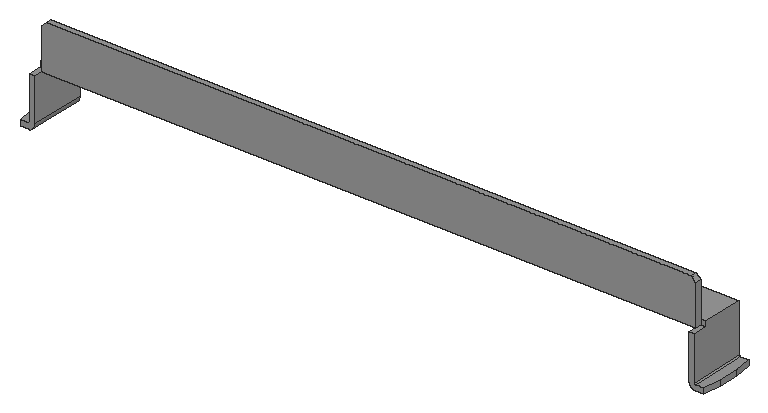
Revit family "Nivellierwinkel", category Generic Models, Revit 2017
Family settings
  Can host rebar = No
  Round Connector Dimension = Use Diameter
  Part Type = Normal
  Work Plane-Based = No
  Always vertical = Yes
  Cut with Voids When Loaded = No
  Shared = No
  Room Calculation Point = No
Parameters (values of type "NW 350-3 QK")
  Width 1 = 23 mm
  Width = 31 mm
  URL = "http://www.obo-bettermann.com"
  Material = Strip-galvanised
  Manufacturer Art.No. = "7410544"
  Manufacturer = "Obo Bettermann"
  Length = 380.6 mm
  GTIN = "4012195432760"
  Article Type = "NW 350-3 QK"
Reference planes
  plane 1 "Center (Front/Back)": y = 0
  plane 2: z = 0
  plane 3 "Center (Left/Right)": x = 0
  plane 4: y = -10
  plane 5: y = -21
  plane 6: x = -102
  plane 7: x = 102
  plane 8: y = -9
  plane 9: through (-102.038, -9, 1200) normal (-0.5, -0.866, 0)
  plane 10: through (-110.902, -3.882, 1200) normal (-0.5, -0.866, 0)
  plane 11: through (102, -9, 1200) normal (-0.5, 0.866, 0)
  plane 12: y = -21
  plane 13: y = -10
  plane 14: x = -190.3
  plane 15: x = 190.3
  plane 16: y = -23
  plane 17: z = 25
  plane 18: x = -178.3
  plane 19: z = 22.5
  plane 20: x = 178.805
  plane 21: z = 22.5
  plane 22: y = -31
  plane 23: z = -24.612
  plane 24: z = -27.65
  plane 25: x = -13
  plane 26: x = 13
  plane 27: y = -16
  plane 28: x = -13
  plane 29: y = -16
  plane 30: y = -16
  plane 31: x = 23
  plane 32: x = -23
  plane 33: x = 54
  plane 34: x = -54
  plane 35: y = -13.5
  plane 36: y = -13.5
  plane 37: x = 67
  plane 38: x = -67
  plane 39: y = -12.5
  plane 40: y = -12.5
  plane 41: x = 86.25
  plane 42: y = -12
  plane 43: y = -12
  plane 44: x = -97.25
  plane 45: x = 97.25
  plane 46: y = -13
  plane 47: y = -13
  plane 48: x = 110
  plane 49: y = -19
  plane 50: x = -110
  plane 51: y = -10
  plane 52: x = 110
  plane 53: y = -10
  plane 54: x = 129
  plane 55: y = -11.047
  plane 56: x = -129
  plane 57: y = -10.992
  plane 58: y = -10.992
  plane 59: x = 142.25
  plane 60: y = -11.047
  plane 61: x = -142.25
  plane 62: y = -11
  plane 63: y = -11
  plane 64: x = -86.25
  plane 65: y = -12
Forms (mm)
  Extrusion 1, solid, material "Strip-galvanised" <- "Material"
    sketch origin (0, 0, 0) x (1, 0, 0) y (0, 0, 1)
      loop
        line (-180.8, 0) -> (181.267, 0) -> (181.267, 3) -> (-180.8, 3) -> (-180.8, 0)
    from 0 to 31
  Extrusion 2, void
    sketch origin (0, 0, 0) x (1, 0, 0) y (0, 1, 0)
      loop
        line (-117.626, 0) -> (-102.038, -9) -> (102, -9) -> (117.588, 0) -> (-117.626, 0)
    from 0 to 250
  Extrusion 3, void
    sketch origin (0, 0, 0) x (1, 0, 0) y (0, 1, 0)
      loop
        line (-180.8, -23) -> (-180.8, -31) -> (181.267, -31) -> (181.267, -23) -> (-180.8, -23)
    from 0 to 250
  Extrusion 4, solid, material "Strip-galvanised" <- "Material"
    sketch origin (0, 0, 0) x (1, 0, 0) y (0, 1, 0)
      loop
        line (-180.8, -23) -> (-180.8, -25.991) -> (181.305, -25.991) -> (181.305, -23) -> (-180.8, -23)
    from 0 to 25
  Extrusion 5, void
    sketch origin (0, 0, 0) x (1, 0, 0) y (0, 0, 1)
      loop
        line (-180.8, 22.5) -> (-178.3, 25) -> (-180.8, 25) -> (-180.8, 22.5)
      loop
        line (178.805, 25) -> (181.305, 22.5) -> (181.305, 25) -> (178.805, 25)
    from 23 to 25.991
  Extrusion 6, solid, material "Strip-galvanised" <- "Material"
    sketch origin (0, 0, 0) x (1, 0, 0) y (0, 1, 0)
      loop
        line (-180.8, 0) -> (-183.758, 0) -> (-183.758, -23) -> (-180.8, -23) -> (-180.8, 0)
      loop
        line (181.267, 0) -> (181.267, -23) -> (184.295, -23) -> (184.295, 0) -> (181.267, 0)
    from 0 to 3
  Extrusion 7, solid, material "Strip-galvanised" <- "Material"
    sketch origin (0, 0, 0) x (1, 0, 0) y (0, 0, 1)
      loop
        line (-183.8, 0) -> (-183.8, -24.05)
        arc (-183.8, -24.05) -> (-183.976, -24.475) -> (-184.4, -24.65) r 0.6
        line (-184.4, -24.65) -> (-190.336, -24.65) -> (-190.336, -27.65) -> (-184.4, -27.65)
        arc (-184.4, -27.65) -> (-181.854, -26.596) -> (-180.8, -24.05) r 3.6
        line (-180.8, -24.05) -> (-180.8, 0) -> (-183.8, 0)
      loop
        line (190.789, -27.612) -> (190.789, -24.612) -> (184.893, -24.612)
        arc (184.893, -24.612) -> (184.469, -24.436) -> (184.293, -24.012) r 0.6
        line (184.293, -24.012) -> (184.293, 0) -> (181.293, 0) -> (181.293, -24.012)
        arc (181.293, -24.012) -> (182.348, -26.558) -> (184.893, -27.612) r 3.6
        line (184.893, -27.612) -> (190.789, -27.612)
    from 0 to 31
  Extrusion 8, void
    sketch origin (0, 0, 0) x (1, 0, 0) y (0, 1, 0)
      loop
        circle (-13, -16) r 2
      loop
        circle (13, -16) r 2
    from 0 to 250
  Extrusion 9, void
    sketch origin (0, 0, 0) x (1, 0, 0) y (0, 1, 0)
      loop
        circle (23.575, -16) r 2.522
      loop
        circle (-22.537, -16) r 2.5
    from 0 to 3
  Extrusion 10, void
    sketch origin (0, 0, 0) x (1, 0, 0) y (0, 1, 0)
      loop
        circle (54, -13.5) r 2.461
      loop
        circle (-54, -13.5) r 2.5
    from 0 to 3
  Extrusion 11, void
    sketch origin (0, 0, 0) x (1, 0, 0) y (0, 1, 0)
      loop
        circle (-67, -12.5) r 1.953
      loop
        circle (67, -12.5) r 1.951
    from 0 to 3
  Extrusion 12, void
    sketch origin (0, 0, 0) x (1, 0, 0) y (0, 1, 0)
      loop
        circle (-97.25, -13) r 1.963
      loop
        circle (97.25, -13) r 2
    from 0 to 3
  Extrusion 13, void
    sketch origin (0, 0, 0) x (1, 0, 0) y (0, 1, 0)
      loop
        circle (-110, -10) r 2.5
      loop
        circle (110, -10) r 2.5
    from 0 to 3
  Extrusion 14, void
    sketch origin (0, 0, 0) x (1, 0, 0) y (0, 1, 0)
      loop
        circle (129, -11.047) r 2.456
      loop
        circle (-129, -10.992) r 2.476
    from 0 to 3
  Extrusion 15, void
    sketch origin (0, 0, 0) x (1, 0, 0) y (0, 1, 0)
      loop
        circle (142.25, -11.047) r 2.46
      loop
        circle (-142.25, -11) r 2.503
    from 0 to 3
  Extrusion 16, void
    sketch origin (0, 0, 0) x (1, 0, 0) y (0, 1, 0)
      loop
        circle (86.42, -12) r 2.506
    from 3 to 0
  Extrusion 17, void
    sketch origin (0, 0, 0) x (1, 0, 0) y (0, 1, 0)
      loop
        circle (-86.25, -12) r 2.532
    from 3 to 0
  Extrusion 18, void
    sketch origin (0, 0, 0) x (1, 0, 0) y (0, 1, 0)
      loop
        line (-190.336, -10) -> (-188.93, 0) -> (-190.336, 0) -> (-190.336, -10)
    from -24.65 to -27.65
  Extrusion 19, void
    sketch origin (0, 0, 0) x (1, 0, 0) y (0, 1, 0)
      loop
        line (-190.336, -21) -> (-190.336, -31) -> (-188.93, -31) -> (-190.336, -21)
    from -24.65 to -27.65
  Extrusion 20, void
    sketch origin (0, 0, 0) x (1, 0, 0) y (0, 1, 0)
      loop
        line (190.789, -10) -> (190.789, 0) -> (189.384, 0) -> (190.789, -10)
    from -24.612 to -27.612
  Extrusion 21, void
    sketch origin (0, 0, 0) x (1, 0, 0) y (0, 1, 0)
      loop
        line (190.789, -21) -> (189.384, -31) -> (190.789, -31) -> (190.789, -21)
    from -24.612 to -27.612
Cuts and joins
  Extrusion 2, Extrusion 3, Extrusion 8, Extrusion 9, Extrusion 10, Extrusion 11, Extrusion 12, Extrusion 13, Extrusion 14, Extrusion 15, Extrusion 16, Extrusion 17, Extrusion 18, Extrusion 19, Extrusion 20, Extrusion 21 cuts Extrusion 1
  Extrusion 5, Extrusion 16, Extrusion 17, Extrusion 18, Extrusion 19, Extrusion 20, Extrusion 21 cuts Extrusion 4
  Extrusion 16, Extrusion 17, Extrusion 18, Extrusion 19, Extrusion 20, Extrusion 21 cuts Extrusion 6
  Extrusion 16, Extrusion 17, Extrusion 18, Extrusion 19, Extrusion 20, Extrusion 21 cuts Extrusion 7
  joined: Extrusion 1, Extrusion 4, Extrusion 6, Extrusion 7
Dimensions and locks
  "Width": Extrusion 1 to Extrusion 1
  locked: Extrusion 1 sketch curve to Extrusion 1 sketch curve at 3
  locked: Extrusion 1 to plane 4 at 10
  locked: Extrusion 1 to plane 5 at 10
  locked: plane 4 to plane 5 at 11
  locked: plane 6 to plane 3 "Center (Left/Right)" at 102
  locked: plane 3 "Center (Left/Right)" to plane 7 at 102
  locked: Extrusion 1 to plane 8 at 9
  Extrusion 1 to Extrusion 2 sketch curve = 22 mm
  Extrusion 1 to Extrusion 1 = 31 mm
  locked: plane 3 "Center (Left/Right)" to Extrusion 2 sketch curve at 117.588
  locked: Extrusion 2 sketch curve to plane 3 "Center (Left/Right)" at 117.626
  locked: Extrusion 2 sketch curve to Extrusion 1 at 9
  Extrusion 1 sketch curve to Extrusion 1 sketch curve = 362.067 mm
  locked: cut or joined group 1 (Extrusion 1, Extrusion 2, Extrusion 3, Extrusion 4, Extrusion 5, Extrusion 6, Extrusion 7, Extrusion 8, Extrusion 9, Extrusion 10, Extrusion 11, Extrusion 12, Extrusion 13, Extrusion 14, Extrusion 15, Extrusion 16, Extrusion 17, Extrusion 18, Extrusion 19, Extrusion 20, Extrusion 21) to plane 3 "Center (Left/Right)" at 181.267
  cut or joined group 1 to plane 3 "Center (Left/Right)" = 180.8 mm
  locked: plane 3 "Center (Left/Right)" to Extrusion 1 sketch curve at 180.8
  cut or joined group 1 to cut or joined group 1 = 31 mm  (x2)
  locked: cut or joined group 1 to plane 16 at 8
  locked: cut or joined group 1 to Extrusion 3 sketch curve at 23
  cut or joined group 1 to Extrusion 3 sketch curve = 8 mm
  locked: cut or joined group 1 to cut or joined group 1 at 23
  locked: cut or joined group 1 to cut or joined group 1 at 14
  locked: Extrusion 4 sketch curve to cut or joined group 1 at 2.991
  locked: Extrusion 4 sketch curve to plane 3 "Center (Left/Right)" at 180.8
  locked: plane 3 "Center (Left/Right)" to Extrusion 4 sketch curve at 181.305
  locked: plane 17 to Extrusion 4 at 25
  locked: Extrusion 4 to plane 18 at 2.5
  locked: Extrusion 4 to plane 19 at 2.5
  locked: Extrusion 4 to plane 20 at 2.5
  locked: Extrusion 4 to plane 21 at 2.5
  locked: Extrusion 5 sketch curve to Extrusion 5 sketch curve at 3.536  (x2)
  locked: Extrusion 5 sketch curve to Extrusion 5 sketch curve at 2.5  (x4)
  Extrusion 5 sketch curve to Extrusion 5 sketch curve = 2.5 mm
  locked: cut or joined group 1 to Extrusion 6 sketch curve at 3.028
  locked: Extrusion 6 sketch curve to Extrusion 6 sketch curve at 23  (x2)
  locked: Extrusion 6 sketch curve to cut or joined group 1 at 2.958
  locked: Extrusion 6 sketch curve to cut or joined group 1 at 23
  locked: Extrusion 7 sketch curve to Extrusion 7 sketch curve at 9.536
  locked: Extrusion 7 sketch curve to Extrusion 7 sketch curve at 3  (x4)
  locked: Extrusion 7 sketch curve to plane 6 at 78.8
  locked: Extrusion 7 sketch curve to Extrusion 7 sketch curve at 9.496
  locked: plane 1 "Center (Front/Back)" to plane 22 at 31
  level to plane 23 = 24.612 mm
  locked: plane 3 "Center (Left/Right)" to plane 26 at 13
  locked: plane 25 to plane 3 "Center (Left/Right)" at 13
  locked: plane 27 to cut or joined group 1 at 7
  locked: plane 32 to plane 3 "Center (Left/Right)" at 23
  locked: plane 3 "Center (Left/Right)" to plane 31 at 23
  locked: plane 34 to plane 3 "Center (Left/Right)" at 54
  locked: plane 3 "Center (Left/Right)" to plane 33 at 54
  locked: plane 36 to cut or joined group 1 at 4.5
  locked: plane 35 to cut or joined group 1 at 4.5
  locked: plane 38 to plane 3 "Center (Left/Right)" at 67
  locked: plane 3 "Center (Left/Right)" to plane 37 at 67
  locked: plane 40 to cut or joined group 1 at 3.5
  locked: plane 39 to cut or joined group 1 at 3.5
  locked: plane 42 to cut or joined group 1 at 3
  locked: cut or joined group 1 to plane 43 at 3
  locked: plane 44 to plane 3 "Center (Left/Right)" at 97.25
  locked: plane 3 "Center (Left/Right)" to plane 45 at 97.25
  locked: plane 47 to cut or joined group 1 at 4
  locked: plane 46 to cut or joined group 1 at 4
  locked: plane 3 "Center (Left/Right)" to plane 48 at 110
  locked: plane 49 to cut or joined group 1 at 10
  locked: cut or joined group 1 to plane 51 at 10
  locked: plane 50 to plane 3 "Center (Left/Right)" at 110
  plane 3 "Center (Left/Right)" to plane 52 = 110 mm
  locked: cut or joined group 1 to plane 53 at 10
  locked: plane 3 "Center (Left/Right)" to plane 54 at 129
  locked: cut or joined group 1 to plane 55 at 11.047
  locked: cut or joined group 1 to plane 57 at 10.992
  locked: plane 56 to plane 3 "Center (Left/Right)" at 129
  locked: plane 3 "Center (Left/Right)" to plane 59 at 142.25
  locked: cut or joined group 1 to plane 60 at 11.047
  locked: cut or joined group 1 to plane 62 at 11
  locked: plane 61 to plane 3 "Center (Left/Right)" at 142.25
  locked: plane 64 to plane 3 "Center (Left/Right)" at 86.25
  locked: plane 65 to cut or joined group 1 at 3
  Extrusion 19 to Extrusion 7 = 6.536 mm
  diameter of Extrusion 8 sketch curve = 4 mm  (x2)
  diameter of Extrusion 9 sketch curve = 5 mm
  diameter of Extrusion 9 sketch curve = 5.045 mm
  diameter of Extrusion 10 sketch curve = 5 mm
  diameter of Extrusion 10 sketch curve = 4.923 mm
  diameter of Extrusion 11 sketch curve = 3.903 mm
  diameter of Extrusion 11 sketch curve = 3.906 mm
  diameter of Extrusion 12 sketch curve = 4 mm
  diameter of Extrusion 12 sketch curve = 3.926 mm
  diameter of Extrusion 13 sketch curve = 5 mm  (x2)
  diameter of Extrusion 14 sketch curve = 4.912 mm
  diameter of Extrusion 14 sketch curve = 4.952 mm
  diameter of Extrusion 15 sketch curve = 4.92 mm
  diameter of Extrusion 15 sketch curve = 5.006 mm
  diameter of Extrusion 16 sketch curve = 5.011 mm
  diameter of Extrusion 17 sketch curve = 5.063 mm
  locked: Extrusion 18 sketch curve to cut or joined group 1 (angle 8.00°)
  locked: cut or joined group 1 to Extrusion 19 sketch curve (angle 8.00°)
  locked: cut or joined group 1 to Extrusion 20 sketch curve (angle 8.00°)
  locked: Extrusion 21 sketch curve to cut or joined group 1 (angle 8.00°)
  aligned and locked: level to plane 2
  aligned and locked: Extrusion 1 sketch curve to level
  aligned and locked: Extrusion 2 to plane 1 "Center (Front/Back)"
  aligned and locked: Extrusion 1 to level
  aligned and locked: plane 17 to Extrusion 4
  aligned and locked: Extrusion 4 to level
  aligned and locked: Extrusion 5 to Extrusion 4
  aligned and locked: Extrusion 6 to plane 1 "Center (Front/Back)"
  aligned and locked: Extrusion 7 sketch curve to Extrusion 6
  aligned and locked: level to Extrusion 7 sketch curve
  aligned and locked: Extrusion 7 to plane 1 "Center (Front/Back)"
  aligned and locked: plane 22 to Extrusion 7
  aligned and locked: plane 23 to Extrusion 7
  aligned and locked: plane 24 to Extrusion 7
  aligned and locked: Extrusion 8 to level
  aligned and locked: Extrusion 1 to Extrusion 9
  aligned and locked: Extrusion 9 to level
  aligned and locked: Extrusion 10 to level
  aligned and locked: Extrusion 1 to Extrusion 10
  aligned and locked: Extrusion 11 to level
  aligned and locked: Extrusion 1 to Extrusion 11
  aligned and locked: Extrusion 12 to level
  aligned and locked: Extrusion 1 to Extrusion 12
  aligned and locked: Extrusion 13 to level
  aligned and locked: Extrusion 1 to Extrusion 13
  aligned and locked: Extrusion 14 to level
  aligned and locked: Extrusion 1 to Extrusion 14
  aligned and locked: Extrusion 15 to level
  aligned and locked: Extrusion 1 to Extrusion 15
  aligned and locked: Extrusion 1 to Extrusion 16
  aligned and locked: Extrusion 16 to level
  aligned and locked: Extrusion 17 to level
  aligned and locked: Extrusion 1 to Extrusion 17
  aligned and locked: Extrusion 18 sketch curve to plane 1 "Center (Front/Back)"
  aligned and locked: Extrusion 18 sketch curve to cut or joined group 1
  aligned and locked: Extrusion 18 to Extrusion 7
  aligned and locked: Extrusion 7 to Extrusion 18
  aligned and locked: Extrusion 19 sketch curve to plane 22
  aligned and locked: Extrusion 19 sketch curve to cut or joined group 1
  aligned and locked: Extrusion 19 to Extrusion 7
  aligned and locked: Extrusion 7 to Extrusion 19
  aligned and locked: plane 1 "Center (Front/Back)" to Extrusion 20 sketch curve
  aligned and locked: Extrusion 20 sketch curve to cut or joined group 1
  aligned and locked: Extrusion 7 to Extrusion 20
  aligned and locked: Extrusion 20 to Extrusion 7
  aligned and locked: plane 22 to Extrusion 21 sketch curve
  aligned and locked: Extrusion 21 sketch curve to cut or joined group 1
  aligned and locked: Extrusion 7 to Extrusion 21
  aligned and locked: Extrusion 21 to Extrusion 7
Automatic sketch dimensions
  plane 9 to Extrusion 2 sketch curve = 0 mm
  Extrusion 2 sketch curve to plane 7 = 0 mm
  plane 1 "Center (Front/Back)" to Extrusion 2 sketch curve = 0 mm
  Extrusion 3 sketch curve to plane 16 = 8 mm
  plane 7 to Extrusion 3 sketch curve = 79.267 mm
  Extrusion 3 sketch curve to plane 6 = 78.8 mm
  Extrusion 4 sketch curve to plane 16 = 0 mm
  Extrusion 5 sketch curve to plane 19 = 0 mm
  Extrusion 5 sketch curve to plane 18 = 0 mm
  Extrusion 5 sketch curve to plane 17 = 0 mm
  Extrusion 5 sketch curve to plane 20 = 0 mm
  Extrusion 6 sketch curve to plane 18 = 2.5 mm
  plane 20 to Extrusion 6 sketch curve = 2.463 mm
  Extrusion 7 sketch curve to Extrusion 7 sketch curve = 0 mm  (x4)
  Extrusion 7 sketch curve to Extrusion 7 sketch curve = 0.6 mm  (x2)
  plane 20 to Extrusion 7 sketch curve = 2.489 mm
  Extrusion 8 sketch curve to plane 25 = 0 mm
  Extrusion 8 sketch curve to plane 26 = 0 mm
  Extrusion 8 sketch curve to plane 27 = 0 mm  (x2)
  Extrusion 9 sketch curve to plane 27 = 0 mm
  plane 27 to Extrusion 9 sketch curve = 0 mm
  plane 32 to Extrusion 9 sketch curve = 0.463 mm
  plane 31 to Extrusion 9 sketch curve = 0.575 mm
  Extrusion 10 sketch curve to plane 34 = 0 mm
  Extrusion 10 sketch curve to plane 33 = 0 mm
  Extrusion 10 sketch curve to plane 35 = 0 mm  (x2)
  Extrusion 11 sketch curve to plane 38 = 0 mm
  Extrusion 11 sketch curve to plane 37 = 0 mm
  Extrusion 11 sketch curve to plane 39 = 0 mm  (x2)
  Extrusion 12 sketch curve to plane 44 = 0 mm
  Extrusion 12 sketch curve to plane 45 = 0 mm
  Extrusion 12 sketch curve to plane 46 = 0 mm  (x2)
  Extrusion 13 sketch curve to plane 4 = 0 mm  (x2)
  Extrusion 13 sketch curve to plane 50 = 0 mm
  Extrusion 13 sketch curve to plane 48 = 0 mm
  Extrusion 14 sketch curve to plane 56 = 0 mm
  Extrusion 14 sketch curve to plane 54 = 0 mm
  Extrusion 14 sketch curve to plane 55 = 0 mm
  plane 57 to Extrusion 14 sketch curve = 0 mm
  Extrusion 15 sketch curve to plane 61 = 0 mm
  plane 55 to Extrusion 15 sketch curve = 0 mm
  Extrusion 15 sketch curve to plane 59 = 0 mm
  plane 62 to Extrusion 15 sketch curve = 0 mm
  Extrusion 6 sketch curve to plane 16 = 0 mm
  Extrusion 7 sketch curve to plane 24 = 0 mm
  Extrusion 7 sketch curve to plane 23 = 0 mm
  plane 42 to Extrusion 16 sketch curve = 0 mm
  plane 41 to Extrusion 16 sketch curve = 0.17 mm
  Extrusion 17 sketch curve to plane 42 = 0 mm
  Extrusion 17 sketch curve to plane 64 = 0 mm
  Extrusion 18 sketch curve to plane 4 = 0 mm
  Extrusion 19 sketch curve to plane 5 = 0 mm
  Extrusion 20 sketch curve to plane 4 = 0 mm
  Extrusion 21 sketch curve to plane 5 = 0 mm
